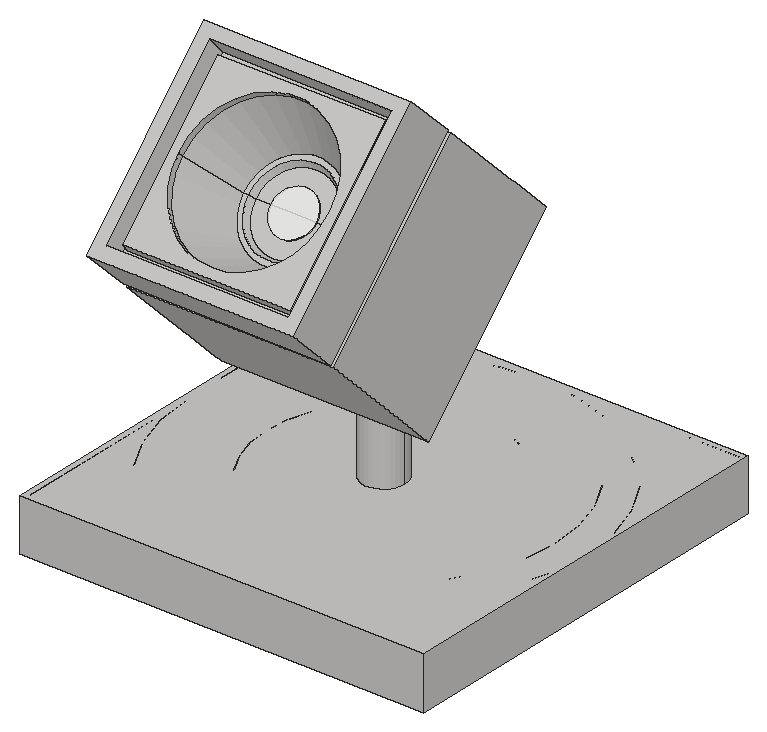
Revit family "CLighting - Luminii - Leto 44 Mini MP", category Lighting Fixtures, host Face, Revit 2020
Family settings
  Host = Face
  Round Connector Dimension = Use Diameter
  Part Type = Normal
  OmniClass Number = 23.80.70.11.14.21
  OmniClass Title = Spots and Tracklight Specialties
  Cut with Voids When Loaded = No
  Light Source = Yes
  Shared = Yes
  Room Calculation Point = No
Parameters (values of type "Leto 44 Mini MP")
  Width = 2.50"  # constant formula
  Wattage Comments = "10.5 W"
  Wattage = 10.5263 W
  Warranty URL = "https://www.luminii.com/terms-conditions/"
  built-in parameter 1150110 = 1 (stored number, unit not read)
  Voltage Comments = "120V | 277V | 347V"  # constant formula
  Voltage = 120 V
  Version = "2020 - v1.0a"  # constant formula
  URL = "https://www.luminii.com/"
  built-in parameter 1114217 = 1 (stored number, unit not read)
  Tilt Angle = 90.00°  # constant formula
  built-in parameter 1150109 = 1 (stored number, unit not read)
  built-in parameter 1150134 = (empty or 0)
  built-in parameter 1150113 = 1 (stored number, unit not read)
  Support Phone = "224-699-9545"  # constant formula
  Support Email = "mailto:support@bimsmith.com"
  Photometric Web File = "626-A90-717-35-07.ies"
  Light Rotation Angle [instance] = if(Desired Rotation Angle < -82.50°, 165.00°, if(Desired Rotation Angle > 82.50°, 7.50°, 90.00° - Desired Rotation Angle))  # 90.00°
  Product Page URL = "https://www.luminii.com/product/leto-44-mini-mp/"
  Power Source Type = "Driver"  # constant formula
  Power Factor = 1
  Phase = 1
  Operating Temperature = "Consult Manufacturer Website for more Information"  # constant formula
  Number of Poles = if(and(or(Voltage = 120 V, Voltage = 277 V), Phase = 1), 1, if(and(or(Voltage = 208 V, Voltage = 240 V), Phase = 1), 2, if(and(or(Voltage = 208 V, Voltage = 240 V), Phase = 3), 3, if(and(Voltage > 300 V, Phase = 1), 2, if(and(Voltage > 400 V, Phase = 3), 3, 1)))))  # 1
  Mounting Method = "Surface Mounted"  # constant formula
  Model = "626"  # constant formula
  Manufacturer Phone Number = "403-216-7043"  # constant formula
  Manufacturer Email = "mailto: info@sensolighting.com"
  Manufacturer Address = "302 50 Ave SE. Calgary, Alberta, T2G 2A9 Canada"  # constant formula
  Manufacturer = "Luminii"  # constant formula
  built-in parameter 1150105 = 79.577 (stored number, unit not read)
  Lumens = 1000 lm
  Luminaire Type = "Surface LED Light"  # constant formula
  built-in parameter 1150115 = 1 (stored number, unit not read)
  Load Classification = Lighting
  Light Tilt Angle [instance] = if(Desired Tilt Angle < 10.00°, 10.00°, if(Desired Tilt Angle > 90.00°, 90.00°, Desired Tilt Angle))  # 45.00°
  built-in parameter 1150137 = (empty or 0)
  built-in parameter 1150139 = (empty or 0)
  Lens Material = Plastic - Luminii - Frosted Lens
  Length [instance] = if(Constraints = 1, 2.87402", if(Constraints = 2, 8.2874", if(Constraints = 3, 13.62205", 2.87402")))  # 2.87402"
  built-in parameter 1150112 = 1 (stored number, unit not read)
  built-in parameter 1150114 = 1 (stored number, unit not read)
  Lamp Life = 1
  Lamp = "LED"  # constant formula
  Keynote = "26 50 00"
  built-in parameter 1150132 = 2
  built-in parameter 1150102 = (empty or 0)
  built-in parameter 1150107 = 3500 (stored number, unit not read)
  Initial Color Comments = "Perfomance based on 3500K Photometric Web File"  # constant formula
  built-in parameter 1150138 = (empty or 0)
  built-in parameter 1150106 = 0.79577 (stored number, unit not read)
  Housing Protection Rating = "Consult Manufacturer Website for more Information"  # constant formula
  Has Dimming = 1 = 1  # yes
  Has Battery Backup = 0 = 1  # no
  Frequency Comments = ""  # constant formula
  Frequency = 60 Hz
  Finish = Metal - Luminii - Silver Anodized Aluminum
  Environment = "Indoor"  # constant formula
  built-in parameter 1150104 = 8.8258 (stored number, unit not read)
  Dimming Type = "Consult Manufacturer Website for more Information"  # constant formula
  Dimming Lamp Color Temperature Shift = <None>
  Desired Tilt Angle [instance] = 45.00°
  Desired Rotation Angle [instance] = 0.00°
  Description = "Small Square Track Spotlight"  # constant formula
  Depth = 2.50"  # constant formula
  Default Elevation = 0.00"  # constant formula
  Current Amps = 50 A
  Copyright = "©2023 Luminii"  # constant formula
  Control Zone = "Consult Manufacturer Website for more Information"  # constant formula
  Control Type = "Consult Manufacturer Website for more Information"  # constant formula
  Constraints = 1  # constant formula
  Color Filter = 16777215
  built-in parameter 1114216 [instance] = 0  # (empty or 0)
  built-in parameter 1140040 [instance] = 1 = 1  # 1
  CCT = "3500K"
  built-in parameter 1114218 = 1 (stored number, unit not read)
  built-in parameter 1150133 = 10 (stored number, unit not read)
  Assembly Code = "D5020230"
  Apparent Load = Wattage / Power Factor  # 10.5263 VA
Reference planes (in)
  plane 1 "Center (Front/Back)": y = 0
  plane 2: z = 0
  plane 3 "Center (Left/Right)": x = 0
  plane 4: x = -1.25
  plane 5: x = 1.25
  plane 6: y = 1.25
  plane 7: y = -1.25
Forms (in)
  Extrusion 1, solid, material "Metal - Luminii - Silver Anodized Aluminum" <- "Finish", not visible
    sketch origin (0, 0, 0) x (1, 0, 0) y (0, 1, 0)
      loop
        circle (0, 0) r 0.5
    from 0 to -0.17225
  Extrusion 2, solid, material "Metal - Luminii - Silver Anodized Aluminum" <- "Finish", detail levels medium+fine
    sketch origin (0, 1.24288, 2.16406) x (0, 1, 0) y (-1, 0, 0)
      loop
        line (-3.68383, 2.44075) -> (-3.68383, -2.44114) -> (1.19806, -2.44114) -> (1.19806, 2.44075) -> (-3.68383, 2.44075)
      loop
        line (-0.73985, -2.37775) -> (1.13467, -2.37775) -> (1.13467, -0.50324)
        arc (1.13467, -0.50324) -> (0.46686, -1.70994) -> (-0.73985, -2.37775) r 2.49585
      loop
        arc (-0.73985, 2.37735) -> (0.46686, 1.70954) -> (1.13467, 0.50284) r 2.49585
        line (1.13467, 0.50284) -> (1.13467, 2.37735) -> (-0.73985, 2.37735)
      loop
        arc (-1.74592, -2.37775) -> (-2.95262, -1.70994) -> (-3.62044, -0.50324) r 2.49585
        line (-3.62044, -0.50324) -> (-3.62044, -2.37775) -> (-1.74592, -2.37775)
      loop
        line (-1.74592, 2.37735) -> (-3.62044, 2.37735) -> (-3.62044, 0.50284)
        arc (-3.62044, 0.50284) -> (-2.95262, 1.70954) -> (-1.74592, 2.37735) r 2.49585
      loop
        circle (-1.24288, 0) r 2.36729
    from -2.16406 to -1.54195
  Extrusion 3, solid, material "Metal - Luminii - Silver Anodized Aluminum" <- "Finish", detail levels medium+fine
    sketch origin (0, 1.24288, 2.78618) x (0, 1, 0) y (-1, 0, 0)
      loop
        line (-3.68383, 2.44075) -> (-3.68383, -2.44114) -> (1.19806, -2.44114) -> (1.19806, 2.44075) -> (-3.68383, 2.44075)
    from -2.16406 to -2.15626
  Extrusion 4, solid, material "Metal - Luminii - Silver Anodized Aluminum" <- "Finish", detail levels medium+fine
    sketch origin (0, 0, 0) x (1, 0, 0) y (0, 1, 0)
      loop
        circle (0, 0) r 2.06625
      loop
        circle (0, 0) r 1.41751
    from 0 to 0.62212
  Extrusion 5, solid, material "Metal - Luminii - Silver Anodized Aluminum" <- "Finish", detail levels coarse
    sketch origin (0, 1.24288, 2.78618) x (0, 1, 0) y (-1, 0, 0)
      loop
        line (-3.68383, 2.44075) -> (-3.68383, -2.44114) -> (1.19806, -2.44114) -> (1.19806, 2.44075) -> (-3.68383, 2.44075)
    from -2.78618 to -2.15626
Cuts and joins
  joined: Extrusion 2, Extrusion 3
Lines and regions (in)
  reference lines
    curve 1: line (0, 0, 0) -> (0, -3.87223, 0)
    curve 2: line (0, 0, 2.16406) -> (-1.5, 0, 2.16406)
  model lines, detail levels fine
    curve 3: arc (1.52152, -1.05305, 0) -> (1.61114, -0.72745, 0) -> (1.35451, -0.94697, 0) r 0.1766
    curve 4: arc (0.8127, -1.43909, 0) -> (0.7902, -1.5653, 0) -> (0.9099, -1.61121, 0) r 0.10065
    curve 5: arc (-0.8127, -1.43909, 0) -> (-0.7902, -1.5653, 0) -> (-0.9099, -1.61121, 0) r 0.10065
    curve 6: arc (-1.43909, -0.8127, 0) -> (-1.5653, -0.7902, 0) -> (-1.61121, -0.9099, 0) r 0.10065
    curve 7: arc (0.8127, -1.43909, 0) -> (1.11119, -1.2234, 0) -> (1.35451, -0.94697, 0) r 1.65271
    curve 8: arc (0.9099, -1.61121, 0) -> (1.24733, -1.36678, 0) -> (1.52152, -1.05305, 0) r 1.85038
    curve 9: arc (-1.43909, -0.8127, 0) -> (-1.16864, -1.16864, 0) -> (-0.8127, -1.43909, 0) r 1.65271
    curve 10: arc (-1.61121, -0.9099, 0) -> (-1.30842, -1.30842, 0) -> (-0.9099, -1.61121, 0) r 1.85038
    curve 11: arc (-0.8127, 1.43909, 0) -> (-0.7902, 1.5653, 0) -> (-0.9099, 1.61121, 0) r 0.10065
    curve 12: arc (-1.43909, 0.8127, 0) -> (-1.5653, 0.7902, 0) -> (-1.61121, 0.9099, 0) r 0.10065
    curve 13: arc (-1.43909, 0.8127, 0) -> (-1.16864, 1.16864, 0) -> (-0.8127, 1.43909, 0) r 1.65271
    curve 14: arc (-1.61121, 0.9099, 0) -> (-1.30842, 1.30842, 0) -> (-0.9099, 1.61121, 0) r 1.85038
    curve 15: arc (1.05305, 1.52152, 0) -> (0.72745, 1.61114, 0) -> (0.94697, 1.35451, 0) r 0.1766
    curve 16: arc (1.43909, 0.8127, 0) -> (1.5653, 0.7902, 0) -> (1.61121, 0.9099, 0) r 0.10065
    curve 17: arc (1.43909, 0.8127, 0) -> (1.2234, 1.11119, 0) -> (0.94697, 1.35451, 0) r 1.65271
    curve 18: arc (1.61121, 0.9099, 0) -> (1.36678, 1.24733, 0) -> (1.05305, 1.52152, 0) r 1.85038
Dimensions and locks (in)
  equal spacing: plane 4, plane 3 "Center (Left/Right)", plane 5
  equal spacing: plane 6, plane 1 "Center (Front/Back)", plane 7
  "Depth": plane 6 to plane 7
  "Width": plane 4 to plane 5
  "Light Rotation Angle": angle curve 1 to plane 1 "Center (Front/Back)"
  locked: curve 2 to curve 1 (angle 90.00°)
  aligned and locked: plane 2 to host face
  aligned and locked: plane 3 "Center (Left/Right)" to Extrusion 1 sketch curve
  aligned and locked: plane 1 "Center (Front/Back)" to Extrusion 1 sketch curve
  aligned and locked: plane 2 to Extrusion 1  (x2)
  aligned and locked: imposter light to plane 3 "Center (Left/Right)"
  aligned and locked: plane 3 "Center (Left/Right)" to curve 1
  aligned and locked: plane 1 "Center (Front/Back)" to curve 1
  aligned and locked: plane 1 "Center (Front/Back)" to curve 2
  aligned and locked: plane 3 "Center (Left/Right)" to curve 2
  aligned and locked: nested 1 to curve 2
  aligned and locked: nested 1 to nested 1
Automatic sketch dimensions
  host sketch curve to host sketch curve = 96.00"  (x2)
  plane 1 "Center (Front/Back)" to Extrusion 2 sketch curve = 0.00"
  Extrusion 2 sketch curve to plane 3 "Center (Left/Right)" = 0.00"
  plane 1 "Center (Front/Back)" to Extrusion 2 sketch curve = 0.05509"  (x2)
  plane 1 "Center (Front/Back)" to Extrusion 2 sketch curve = 0.50304"  (x2)
  Extrusion 2 sketch curve to plane 7 = 1.12755"  (x2)
  Extrusion 2 sketch curve to Extrusion 2 sketch curve = 0.06339"  (x4)
  Extrusion 2 sketch curve to plane 1 "Center (Front/Back)" = 0.05509"  (x2)
  Extrusion 2 sketch curve to plane 1 "Center (Front/Back)" = 0.50304"  (x2)
  plane 3 "Center (Left/Right)" to Extrusion 2 sketch curve = 0.50324"  (x2)
  plane 6 to Extrusion 2 sketch curve = 1.12755"  (x2)
  plane 5 to Extrusion 2 sketch curve = 1.12775"  (x2)
  plane 3 "Center (Left/Right)" to Extrusion 2 sketch curve = 0.05529"  (x2)
  Extrusion 2 sketch curve to plane 3 "Center (Left/Right)" = 0.50284"  (x2)
  plane 6 to Extrusion 3 sketch curve = 1.19094"
  Extrusion 3 sketch curve to plane 4 = 1.19075"
  plane 5 to Extrusion 3 sketch curve = 1.19114"
  Extrusion 3 sketch curve to plane 7 = 1.19094"
  Extrusion 4 sketch curve to Extrusion 4 sketch curve = 0.00"  (x2)
  plane 1 "Center (Front/Back)" to Extrusion 4 sketch curve = 0.00"
  Extrusion 4 sketch curve to plane 3 "Center (Left/Right)" = 0.00"
  curve 7 to curve 14 = 0.00"
  curve 8 to curve 10 = 0.00"  (x2)
  curve 8 to curve 14 = 0.00"
  curve 9 to curve 13 = 0.00"
  curve 9 to curve 18 = 0.00"
  curve 10 to curve 13 = 0.00"
  curve 10 to curve 14 = 0.00"
  curve 13 to curve 14 = 0.00"
  curve 14 to curve 18 = 0.00"
  curve 17 to curve 18 = 0.00"  (x2)
  plane 1 "Center (Front/Back)" to curve 13 = 0.00"
  curve 13 to plane 3 "Center (Left/Right)" = 0.00"
  plane 4 to curve 11 = 0.37216"
  plane 4 to curve 5 = 0.37216"
  curve 6 to plane 4 = 0.26581"
  curve 12 to plane 4 = 0.26581"
  curve 15 to plane 5 = 0.37348"
  curve 4 to plane 5 = 0.37216"
  plane 5 to curve 16 = 0.26581"
  plane 5 to curve 3 = 0.26645"
  plane 7 to curve 3 = 0.37348"
  plane 7 to curve 6 = 0.37216"
  curve 4 to plane 7 = 0.26581"
  curve 5 to curve 6 = 0.63797"
  curve 12 to plane 6 = 0.37216"
  curve 16 to plane 6 = 0.37216"
  curve 12 to curve 11 = 0.63797"
  plane 6 to curve 15 = 0.26645"
  curve 5 to curve 5 = 0.06514"
  curve 11 to curve 13 = 0.06514"
  curve 5 to curve 5 = 0.03206"
  curve 14 to curve 11 = 0.03206"
  curve 6 to curve 6 = 0.07672"
  curve 12 to curve 13 = 0.07672"
  curve 12 to curve 12 = 0.0954"
  curve 10 to curve 6 = 0.0954"
  curve 7 to curve 4 = 0.06514"
  curve 4 to curve 8 = 0.03206"
  curve 15 to curve 15 = 0.07044"
  curve 15 to curve 15 = 0.17653"
  plane 5 to curve 3 = 0.10451"
  curve 7 to curve 3 = 0.00"
  curve 16 to curve 16 = 0.07672"
  curve 3 to curve 8 = 0.00507"
  curve 16 to curve 18 = 0.0954"
  curve 7 to curve 8 = 0.00"
  curve 7 to curve 9 = 0.00"
  Extrusion 5 sketch curve to plane 7 = 1.19094"
  plane 6 to Extrusion 5 sketch curve = 1.19094"
  plane 5 to Extrusion 5 sketch curve = 1.19114"
  Extrusion 5 sketch curve to plane 4 = 1.19075"
  radius of Extrusion 1 sketch curve = 0.50"
  radius of Extrusion 2 sketch curve = 2.36729"
  radius of Extrusion 4 sketch curve = 2.06625"
  radius of Extrusion 4 sketch curve = 1.41751"
Nested families (in)
  nested 1: "Nested - Tilting Lamp" at (0, 0, 0) x (-1, 0, 0) z (0, 0, 1), type "Default"
Connectors (in)
  electrical at (0, 0, 0), driven by "Number of Poles", driven by "Load Classification", driven by "Voltage", driven by "Apparent Load", driven by "Power Factor"
    settings: on Extrusion 1, index 1, voltage 120 V, apparent load 10.5263 VA, apparent load phase1 0 VA, apparent load phase2 0 VA, apparent load phase3 0 VA, power factor 1, load classification "Lighting", number of poles 1, system type 30, power factor state 1, is connector primary yes, connector utility no, sub classification motor no, connector description "Power Connection"
Definition of nested family "Nested - Tilting Lamp"
  Parameters (values of type "Default")
    Wattage = 10.5263 W
    built-in parameter 1150110 = 1 (stored number, unit not read)
    built-in parameter 1114217 = 1 (stored number, unit not read)
    Tilt Angle = 45.00°
    built-in parameter 1010505 = 90.00°
    built-in parameter 1150109 = 1 (stored number, unit not read)
    built-in parameter 1150134 = (empty or 0)
    built-in parameter 1150113 = 1 (stored number, unit not read)
    Screen Material = none
    Photometric Web File = ""
    built-in parameter 1150142 = (empty or 0)
    built-in parameter 1150105 = 79.577 (stored number, unit not read)
    Lumens = 1000 lm
    built-in parameter 1150115 = 1 (stored number, unit not read)
    built-in parameter 1150137 = (empty or 0)
    built-in parameter 1150139 = (empty or 0)
    built-in parameter 1150112 = 1 (stored number, unit not read)
    built-in parameter 1150114 = 1 (stored number, unit not read)
    Inner Screen = none
    built-in parameter 1150132 = 2
    built-in parameter 1150102 = (empty or 0)
    built-in parameter 1150107 = 3500 (stored number, unit not read)
    built-in parameter 1150138 = (empty or 0)
    built-in parameter 1150106 = 0.79577 (stored number, unit not read)
    Finish = none
    built-in parameter 1150104 = 8.8258 (stored number, unit not read)
    Dimming Lamp Color Temperature Shift = (empty or 0)
    Default Elevation = 48.00"
    Color Filter = 16777215
    built-in parameter 1114218 = 1 (stored number, unit not read)
    built-in parameter 1150133 = 10 (stored number, unit not read)
  Reference planes (in)
    plane 1 "Center (Front/Back)": y = 0
    plane 2: z = 0
    plane 3 "Center (Left/Right)": x = 0
    plane 4: z = 2.70669
  Forms (in)
    Extrusion 1, solid
      sketch origin (0, 0, 0) x (1, 0, 0) y (0, 1, 0)
        loop
          line (-48, 48) -> (-48, -48) -> (48, -48) -> (48, 48) -> (-48, 48)
      from 0 to -12
    Revolve 2, solid
      sketch origin (0, 0, 0) x (1, 0, 0) y (0, 0, 1)
        loop
          line (-0.25591, 0.62992) -> (0, 0.62992) -> (0, 2.90375) -> (-0.25591, 2.90375) -> (-0.25591, 0.62992)
        axis (0, 2.90375) -> (0, 0.62992)
      angle from 0 to 360
    Extrusion 3, void
      sketch origin (0, 0, 0) x (1, 0, 0) y (0, 0, 1)
        loop
          line (-0.11516, 3.37619) -> (-0.11516, 2.50983) -> (0.11516, 2.50983) -> (0.11516, 3.37619) -> (-0.11516, 3.37619)
      from -1.15638 to 12
  Cuts and joins
    Extrusion 3 cuts Revolve 2
  Lines and regions (in)
    reference lines
      curve 1: line (0, 0, 2.70669) -> (0, 2.19857, 0.50813)
  Dimensions and locks (in)
    "Tilt Angle": angle curve 1 to plane 1 "Center (Front/Back)"
    aligned and locked: plane 2 to Extrusion 1
    aligned and locked: level to Extrusion 1
    aligned and locked: plane 4 to curve 1
    aligned and locked: plane 1 "Center (Front/Back)" to curve 1
  Automatic sketch dimensions
    Extrusion 1 sketch curve to Extrusion 1 sketch curve = 96.00"  (x2)
    Extrusion 3 sketch curve to plane 3 "Center (Left/Right)" = 0.11516"
    plane 3 "Center (Left/Right)" to Extrusion 3 sketch curve = 0.11516"
    plane 4 to Extrusion 3 sketch curve = 0.19686"
    Extrusion 3 sketch curve to plane 4 = 0.66949"
    Revolve 2 sketch curve to plane 3 "Center (Left/Right)" = 0.00"  (x2)
    Revolve 2 sketch curve to Revolve 2 sketch curve = 0.25591"
    level to Revolve 2 sketch curve = 0.62992"
    Revolve 2 sketch curve to plane 4 = 0.19705"
    Revolve 2 sketch curve to Revolve 2 sketch curve = 0.03759"
    Revolve 2 sketch curve to Revolve 2 sketch curve = 0.6471"
  Nested families (in)
    nested 1: "Nested - Lamp" at (0, 0, 2.70669) x (1, 0, 0) z (0, 0.7071, 0.7071), type "Nested - Lamp"
      with Wattage 10.5263 W
  Definition of nested family "Nested - Lamp"
    Parameters (values of type "Nested - Lamp")
      Wattage = 11.6279 W
      built-in parameter 1150110 = 1 (stored number, unit not read)
      built-in parameter 1114217 = 1 (stored number, unit not read)
      Tilt Angle = -90.00°
      built-in parameter 1150109 = 1 (stored number, unit not read)
      built-in parameter 1150134 = (empty or 0)
      built-in parameter 1150113 = 1 (stored number, unit not read)
      Screen Material = none
      Photometric Web File = "664-A90-617-30-07-DL.IES"
      built-in parameter 1150105 = 79.577 (stored number, unit not read)
      Lumens = 1000 lm
      built-in parameter 1150115 = 1 (stored number, unit not read)
      built-in parameter 1150137 = (empty or 0)
      built-in parameter 1150139 = (empty or 0)
      built-in parameter 1150112 = 1 (stored number, unit not read)
      built-in parameter 1150114 = 1 (stored number, unit not read)
      Inner Screen = none
      built-in parameter 1150132 = 2
      built-in parameter 1150102 = (empty or 0)
      built-in parameter 1150107 = 3500 (stored number, unit not read)
      built-in parameter 1150138 = (empty or 0)
      built-in parameter 1150106 = 0.79577 (stored number, unit not read)
      Height = if(Constraint = 1, 2.87402", if(Constraint = 2, 8.2874", if(Constraint = 3, 13.62205", 2.87402")))  # 8.2874"
      Finish = none
      built-in parameter 1150104 = 7.9897 (stored number, unit not read)
      Dimming Lamp Color Temperature Shift = (empty or 0)
      Default Elevation = 48.00"
      Constraint = 2  # constant formula
      Color Filter = 16777215
      built-in parameter 1114218 = 1 (stored number, unit not read)
      built-in parameter 1150133 = 10 (stored number, unit not read)
    Reference planes (in)
      plane 1 "Center (Front/Back)": y = 0
      plane 2: z = 0
      plane 3 "Center (Left/Right)": x = 0
      plane 4: x = -1.25
      plane 5: x = 1.25
    Forms (in)
      Extrusion 1, solid
        sketch origin (0, 0, 0) x (1, 0, 0) y (0, 1, 0)
          loop
            line (-48, 48) -> (-48, -48) -> (48, -48) -> (48, 48) -> (-48, 48)
        from 0 to -12
      Extrusion 2, void
        sketch origin (0, 0, 7.33059) x (1, 0, 0) y (0, 1, 0)
          loop
            line (0.31496, -0.65945) -> (0.31496, 0.65945)
            arc (0.31496, 0.65945) -> (0, 0.97441) -> (-0.31496, 0.65945) r 0.31496
            line (-0.31496, 0.65945) -> (-0.31496, -0.65945)
            arc (-0.31496, -0.65945) -> (0, -0.97441) -> (0.31496, -0.65945) r 0.31496
        from -8.13998 to -6.54318
      Extrusion 3, solid, material <- "Finish"
        sketch origin (-0.03362, 1.25, 2.90789) x (0, 1, 0) y (-1, 0, 0)
          loop
            line (0, 1.21638) -> (-2.5, 1.21638) -> (-2.5, -1.28362) -> (0, -1.28362) -> (0, 1.21638)
          loop
            line (-0.03937, 1.177) -> (-2.46063, 1.177) -> (-2.46063, -1.24425) -> (-0.03937, -1.24425) -> (-0.03937, 1.177)
        from -2.90789 to -0.98831
      Sweep 4, solid, material <- "Finish"
        path origin (-0.03362, 1.25, 2.87422) x (0, 1, 0) y (-1, 0, 0)
          loop
            line (0, -1.28362) -> (0, 1.21638) -> (-2.5, 1.21638) -> (-2.5, -1.28362) -> (0, -1.28362)
        profile origin (1.25, 0, 2.87422) x (1, 0, 0) y (0, 0, 1)
          loop
            line (-0.18209, -0.24856) -> (-0.22146, -0.24856) -> (-0.23866, -0.10847) -> (-0.33642, -0.10847) -> (-0.33642, -0.98831) -> (0, -0.98831) -> (0, -0.84646) -> (-0.05906, -0.84646) -> (-0.05906, -0.7874) -> (0, -0.7874) -> (0, 0) -> (-0.15157, 0) -> (-0.18209, -0.24856)
      Revolve 5, solid
        sketch origin (-0.49058, 0, 1.86622) x (1, 0, 0) y (0, 0, 1)
          loop
            line (0.98116, 0) -> (1.02442, 0.07493) -> (1.09056, 0.07493) -> (1.40417, 0.74746) -> (1.40417, 0.82198) -> (1.07049, 0.10642) -> (1.00624, 0.10642) -> (0.96298, 0.0315) -> (0.49058, 0.0315) -> (0.49058, 0) -> (0.98116, 0)
          axis (0.49058, 0.82198) -> (0.49058, 0)
        angle from 0 to 360
      Extrusion 6, solid, material <- "Screen Material"
        sketch origin (0, 0, 1.89772) x (1, 0, 0) y (0, 1, 0)
          loop
            circle (0, 0) r 0.27714
        from 0 to 0.01969
      Extrusion 7, solid, material <- "Finish"
        sketch origin (0, 0, 0.0002) x (1, 0, 0) y (0, 1, 0)
          loop
            line (-1.25, 1.25) -> (-1.25, -1.25) -> (1.25, -1.25) -> (1.25, 1.25) -> (-1.25, 1.25)
        from 0.04341 to 0.11811
      Extrusion 8, solid
        sketch origin (0, 0, -3.76034) x (0, 1, 0) y (0, 0, 1)
          loop
            line (-0.15256, 4.42983) -> (-0.15256, 3.88476)
            arc (-0.15256, 3.88476) -> (0, 3.56348) -> (0.15256, 3.88476) r 0.19686
            line (0.15256, 3.88476) -> (0.15256, 4.42983) -> (-0.15256, 4.42983)
        from -0.11516 to 0.11516
      Extrusion 9, solid, material <- "Finish"
        sketch origin (0, 0, 0.62608) x (1, 0, 0) y (0, 1, 0)
          loop
            line (-1.25, 1.25) -> (-1.25, -1.25) -> (1.25, -1.25) -> (1.25, 1.25) -> (-1.25, 1.25)
        from 0.04341 to 0.11811
      Extrusion 10, solid, material <- "Finish"
        sketch origin (0.91358, 0.91358, 2.76575) x (0, -1, 0) y (1, 0, 0)
          loop
            circle (0.91358, -0.91358) r 0.91358
          loop
            line (1.92493, -1.90276) -> (1.92493, 0.07559)
            arc (1.92493, 0.07559) -> (1.91843, 0.09126) -> (1.90276, 0.09776) r 0.02217
            line (1.90276, 0.09776) -> (-0.07559, 0.09776)
            arc (-0.07559, 0.09776) -> (-0.09126, 0.09126) -> (-0.09776, 0.07559) r 0.02217
            line (-0.09776, 0.07559) -> (-0.09776, -1.90276)
            arc (-0.09776, -1.90276) -> (-0.09126, -1.91843) -> (-0.07559, -1.92493) r 0.02217
            line (-0.07559, -1.92493) -> (1.90276, -1.92493)
            arc (1.90276, -1.92493) -> (1.91843, -1.91843) -> (1.92493, -1.90276) r 0.02217
        from 0 to -0.10039
    Cuts and joins
      Extrusion 2 cuts Extrusion 3
      Extrusion 2 cuts Sweep 4
      Extrusion 2 cuts Extrusion 7
      joined: Extrusion 3, Sweep 4, Extrusion 7, Extrusion 9, Extrusion 10
    Lines and regions (in)
      reference lines
        curve 1: line (-0.49058, 0, 1.88591) -> (1.84174, 0, 1.88591)
    Dimensions and locks (in)
      aligned and locked: plane 2 to Extrusion 1
      aligned and locked: level to Extrusion 1
